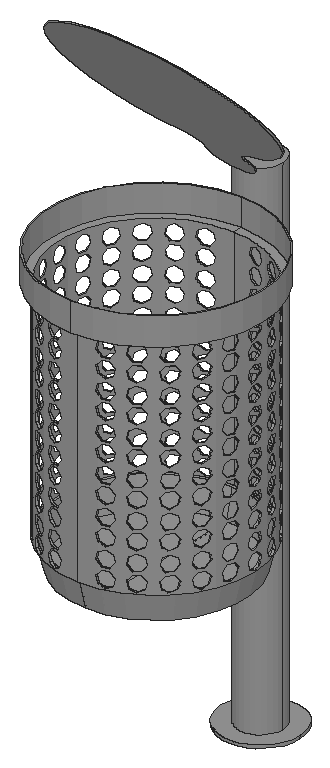
Revit family "Урна для раздельного сбора мусора «Флос» Арт 12769", category Антураж, Revit 2018
Family settings
  На основе рабочей плоскости = Нет
  Всегда вертикально = Да
  При загрузке вырезать с полостями = Нет
  Источник визуального образа = Геометрия семейства
  Общий = Нет
  Точка расчета площади = Нет
Parameters (values of type "Урна для раздельного сбора мусора «Флос»")
  Ширина = 490 mm  # constant formula
  Цвет урны = Желтый
  Цвет опоры = Сталь
  Описание = "Урна для раздельного сбора мусора «Флос». 1 Секция"  # constant formula
  Материал изделия = "Сталь"  # constant formula
  Изображение типоразмера = Урна для раздельного сбора мусора «Флос» Арт 12769.jpg
  Изготовитель = "ООО «Хоббика»"  # constant formula
  Длина = 375 mm  # constant formula
  Группа модели = "Уличные урны"  # constant formula
  Высота = 1250 mm  # constant formula
  Артикул товара = "Арт. 12769"  # constant formula
  URL = "https://hobbyka.ru/product/urna_dlya_razdelnogo_sbora_musora_flos/"
Reference planes
  plane 1 "По центру (Вперед/Назад)": y = 0
  plane 2: z = 0
  plane 3 "По центру (Влево/Вправо)": x = 0
  plane 4: y = -490
  plane 5: x = 375
  plane 6: z = 1250
Forms (mm)
  Extrusion 1, solid, material "Сталь" <- "Цвет опоры"
    sketch origin (0, 0, 0) x (1, 0, 0) y (0, 1, 0)
      loop
        circle (187.5, -67.305) r 70
    from 0 to 5
  Extrusion 2, solid, material "Сталь" <- "Цвет опоры"
    sketch origin (0, 0, 0) x (1, 0, 0) y (0, 1, 0)
      loop
        circle (187.5, -67.305) r 40
    from 0 to 909.285
  Extrusion 3, solid, material "Сталь" <- "Цвет опоры"
    sketch origin (0, -776.648, 299.248) x (1, 0, 0) y (0, 0.653219, -0.757169)
      loop
        arc (222.644, -79.817) -> (187.5, -20.713) -> (152.356, -79.817) r 40
        arc (152.356, -79.817) -> (146.79, -97.048) -> (132.299, -107.905) r 29.897
        arc (132.299, -107.905) -> (187.5, -477.488) -> (242.701, -107.905) r 188.914
        arc (242.701, -107.905) -> (228.21, -97.048) -> (222.644, -79.817) r 29.897
    from 900 to 902
  Extrusion 4, solid, material "Сталь" <- "Цвет опоры"
    sketch origin (0, 0, 0) x (0, 1, 0) y (0, 0, 1)
      loop
        line (-105, 355.414) -> (-230, 355.414) -> (-230, 350.414) -> (-105, 319.248) -> (-105, 355.414)
    from 186.5 to 188.5
  Revolve 5, solid, material "Желтый" <- "Цвет урны"
    sketch origin (187.5, 0, 0) x (0, 1, 0) y (0, 0, 1)
      loop
        line (-489.688, 860.414) -> (-489.688, 810.414) -> (-474.688, 810.414) -> (-474.688, 405.414) -> (-469.688, 405.414) -> (-456.489, 355.414) -> (-299.688, 355.414) -> (-299.688, 357.414) -> (-455.089, 357.414) -> (-467.688, 407.414) -> (-472.688, 407.414) -> (-472.688, 812.414) -> (-487.688, 812.414) -> (-487.688, 860.414) -> (-489.688, 860.414)
      axis (-299.688, 860.414) -> (-299.688, 355.414)
    angle from 0 to 360
  Extrusion 6, void
    sketch origin (0, 0, 0) x (0, 1, 0) y (0, 0, 1)
      loop
        line (-299.688, 743.384) -> (-287.96, 749.032) -> (-285.064, 761.722) -> (-293.179, 771.899) -> (-306.196, 771.899) -> (-314.312, 761.722) -> (-311.415, 749.032) -> (-299.688, 743.384)
      loop
        line (-299.688, 738.384) -> (-311.415, 732.737) -> (-314.312, 720.047) -> (-306.196, 709.87) -> (-293.179, 709.87) -> (-285.064, 720.047) -> (-287.96, 732.737) -> (-299.688, 738.384)
      loop
        line (-299.688, 676.355) -> (-287.96, 682.003) -> (-285.064, 694.693) -> (-293.179, 704.87) -> (-306.196, 704.87) -> (-314.312, 694.693) -> (-311.415, 682.003) -> (-299.688, 676.355)
      loop
        line (-299.688, 671.355) -> (-311.415, 665.708) -> (-314.312, 653.018) -> (-306.196, 642.841) -> (-293.179, 642.841) -> (-285.064, 653.018) -> (-287.96, 665.708) -> (-299.688, 671.355)
      loop
        line (-299.688, 609.326) -> (-287.96, 614.974) -> (-285.064, 627.664) -> (-293.179, 637.841) -> (-306.196, 637.841) -> (-314.312, 627.664) -> (-311.415, 614.974) -> (-299.688, 609.326)
      loop
        line (-299.688, 604.326) -> (-311.415, 598.679) -> (-314.312, 585.989) -> (-306.196, 575.812) -> (-293.179, 575.812) -> (-285.064, 585.989) -> (-287.96, 598.679) -> (-299.688, 604.326)
      loop
        line (-299.688, 542.297) -> (-287.96, 547.945) -> (-285.064, 560.635) -> (-293.179, 570.812) -> (-306.196, 570.812) -> (-314.312, 560.635) -> (-311.415, 547.945) -> (-299.688, 542.297)
      loop
        line (-299.688, 537.297) -> (-311.415, 531.65) -> (-314.312, 518.959) -> (-306.196, 508.783) -> (-293.179, 508.783) -> (-285.064, 518.959) -> (-287.96, 531.65) -> (-299.688, 537.297)
      loop
        line (-299.688, 475.268) -> (-287.96, 480.916) -> (-285.064, 493.606) -> (-293.179, 503.783) -> (-306.196, 503.783) -> (-314.312, 493.606) -> (-311.415, 480.916) -> (-299.688, 475.268)
      loop
        line (-299.688, 470.268) -> (-311.415, 464.621) -> (-314.312, 451.93) -> (-306.196, 441.754) -> (-293.179, 441.754) -> (-285.064, 451.93) -> (-287.96, 464.621) -> (-299.688, 470.268)
      loop
        line (-299.688, 408.239) -> (-287.96, 413.887) -> (-285.064, 426.577) -> (-293.179, 436.754) -> (-306.196, 436.754) -> (-314.312, 426.577) -> (-311.415, 413.887) -> (-299.688, 408.239)
      loop
        line (-299.688, 805.414) -> (-311.415, 799.766) -> (-314.312, 787.076) -> (-306.196, 776.899) -> (-293.179, 776.899) -> (-285.064, 787.076) -> (-287.96, 799.766) -> (-299.688, 805.414)
    from 1.414 to 26.983
  Extrusion 7, void
    sketch origin (83.954, 38.317, 0) x (0.258819, 0.965926, 0) y (0, 0, 1)
      loop
        line (-299.688, 743.384) -> (-287.96, 749.032) -> (-285.064, 761.722) -> (-293.179, 771.899) -> (-306.196, 771.899) -> (-314.312, 761.722) -> (-311.415, 749.032) -> (-299.688, 743.384)
      loop
        line (-299.688, 738.384) -> (-311.415, 732.737) -> (-314.312, 720.047) -> (-306.196, 709.87) -> (-293.179, 709.87) -> (-285.064, 720.047) -> (-287.96, 732.737) -> (-299.688, 738.384)
      loop
        line (-299.688, 676.355) -> (-287.96, 682.003) -> (-285.064, 694.693) -> (-293.179, 704.87) -> (-306.196, 704.87) -> (-314.312, 694.693) -> (-311.415, 682.003) -> (-299.688, 676.355)
      loop
        line (-299.688, 671.355) -> (-311.415, 665.708) -> (-314.312, 653.018) -> (-306.196, 642.841) -> (-293.179, 642.841) -> (-285.064, 653.018) -> (-287.96, 665.708) -> (-299.688, 671.355)
      loop
        line (-299.688, 609.326) -> (-287.96, 614.974) -> (-285.064, 627.664) -> (-293.179, 637.841) -> (-306.196, 637.841) -> (-314.312, 627.664) -> (-311.415, 614.974) -> (-299.688, 609.326)
      loop
        line (-299.688, 604.326) -> (-311.415, 598.679) -> (-314.312, 585.989) -> (-306.196, 575.812) -> (-293.179, 575.812) -> (-285.064, 585.989) -> (-287.96, 598.679) -> (-299.688, 604.326)
      loop
        line (-299.688, 542.297) -> (-287.96, 547.945) -> (-285.064, 560.635) -> (-293.179, 570.812) -> (-306.196, 570.812) -> (-314.312, 560.635) -> (-311.415, 547.945) -> (-299.688, 542.297)
      loop
        line (-299.688, 537.297) -> (-311.415, 531.65) -> (-314.312, 518.959) -> (-306.196, 508.783) -> (-293.179, 508.783) -> (-285.064, 518.959) -> (-287.96, 531.65) -> (-299.688, 537.297)
      loop
        line (-299.688, 475.268) -> (-287.96, 480.916) -> (-285.064, 493.606) -> (-293.179, 503.783) -> (-306.196, 503.783) -> (-314.312, 493.606) -> (-311.415, 480.916) -> (-299.688, 475.268)
      loop
        line (-299.688, 470.268) -> (-311.415, 464.621) -> (-314.312, 451.93) -> (-306.196, 441.754) -> (-293.179, 441.754) -> (-285.064, 451.93) -> (-287.96, 464.621) -> (-299.688, 470.268)
      loop
        line (-299.688, 408.239) -> (-287.96, 413.887) -> (-285.064, 426.577) -> (-293.179, 436.754) -> (-306.196, 436.754) -> (-314.312, 426.577) -> (-311.415, 413.887) -> (-299.688, 408.239)
      loop
        line (-299.688, 805.414) -> (-311.415, 799.766) -> (-314.312, 787.076) -> (-306.196, 776.899) -> (-293.179, 776.899) -> (-285.064, 787.076) -> (-287.96, 799.766) -> (-299.688, 805.414)
    from 1.414 to 26.983
  Extrusion 8, void
    sketch origin (174.964, 53.599, 0) x (0.5, 0.866025, 0) y (0, 0, 1)
      loop
        line (-299.688, 743.384) -> (-287.96, 749.032) -> (-285.064, 761.722) -> (-293.179, 771.899) -> (-306.196, 771.899) -> (-314.312, 761.722) -> (-311.415, 749.032) -> (-299.688, 743.384)
      loop
        line (-299.688, 738.384) -> (-311.415, 732.737) -> (-314.312, 720.047) -> (-306.196, 709.87) -> (-293.179, 709.87) -> (-285.064, 720.047) -> (-287.96, 732.737) -> (-299.688, 738.384)
      loop
        line (-299.688, 676.355) -> (-287.96, 682.003) -> (-285.064, 694.693) -> (-293.179, 704.87) -> (-306.196, 704.87) -> (-314.312, 694.693) -> (-311.415, 682.003) -> (-299.688, 676.355)
      loop
        line (-299.688, 671.355) -> (-311.415, 665.708) -> (-314.312, 653.018) -> (-306.196, 642.841) -> (-293.179, 642.841) -> (-285.064, 653.018) -> (-287.96, 665.708) -> (-299.688, 671.355)
      loop
        line (-299.688, 609.326) -> (-287.96, 614.974) -> (-285.064, 627.664) -> (-293.179, 637.841) -> (-306.196, 637.841) -> (-314.312, 627.664) -> (-311.415, 614.974) -> (-299.688, 609.326)
      loop
        line (-299.688, 604.326) -> (-311.415, 598.679) -> (-314.312, 585.989) -> (-306.196, 575.812) -> (-293.179, 575.812) -> (-285.064, 585.989) -> (-287.96, 598.679) -> (-299.688, 604.326)
      loop
        line (-299.688, 542.297) -> (-287.96, 547.945) -> (-285.064, 560.635) -> (-293.179, 570.812) -> (-306.196, 570.812) -> (-314.312, 560.635) -> (-311.415, 547.945) -> (-299.688, 542.297)
      loop
        line (-299.688, 537.297) -> (-311.415, 531.65) -> (-314.312, 518.959) -> (-306.196, 508.783) -> (-293.179, 508.783) -> (-285.064, 518.959) -> (-287.96, 531.65) -> (-299.688, 537.297)
      loop
        line (-299.688, 475.268) -> (-287.96, 480.916) -> (-285.064, 493.606) -> (-293.179, 503.783) -> (-306.196, 503.783) -> (-314.312, 493.606) -> (-311.415, 480.916) -> (-299.688, 475.268)
      loop
        line (-299.688, 470.268) -> (-311.415, 464.621) -> (-314.312, 451.93) -> (-306.196, 441.754) -> (-293.179, 441.754) -> (-285.064, 451.93) -> (-287.96, 464.621) -> (-299.688, 470.268)
      loop
        line (-299.688, 408.239) -> (-287.96, 413.887) -> (-285.064, 426.577) -> (-293.179, 436.754) -> (-306.196, 436.754) -> (-314.312, 426.577) -> (-311.415, 413.887) -> (-299.688, 408.239)
      loop
        line (-299.688, 805.414) -> (-311.415, 799.766) -> (-314.312, 787.076) -> (-306.196, 776.899) -> (-293.179, 776.899) -> (-285.064, 787.076) -> (-287.96, 799.766) -> (-299.688, 805.414)
    from 1.414 to 26.983
  Extrusion 9, void
    sketch origin (266.829, 44.806, 0) x (0.707107, 0.707107, 0) y (0, 0, 1)
      loop
        line (-299.688, 743.384) -> (-287.96, 749.032) -> (-285.064, 761.722) -> (-293.179, 771.899) -> (-306.196, 771.899) -> (-314.312, 761.722) -> (-311.415, 749.032) -> (-299.688, 743.384)
      loop
        line (-299.688, 738.384) -> (-311.415, 732.737) -> (-314.312, 720.047) -> (-306.196, 709.87) -> (-293.179, 709.87) -> (-285.064, 720.047) -> (-287.96, 732.737) -> (-299.688, 738.384)
      loop
        line (-299.688, 676.355) -> (-287.96, 682.003) -> (-285.064, 694.693) -> (-293.179, 704.87) -> (-306.196, 704.87) -> (-314.312, 694.693) -> (-311.415, 682.003) -> (-299.688, 676.355)
      loop
        line (-299.688, 671.355) -> (-311.415, 665.708) -> (-314.312, 653.018) -> (-306.196, 642.841) -> (-293.179, 642.841) -> (-285.064, 653.018) -> (-287.96, 665.708) -> (-299.688, 671.355)
      loop
        line (-299.688, 609.326) -> (-287.96, 614.974) -> (-285.064, 627.664) -> (-293.179, 637.841) -> (-306.196, 637.841) -> (-314.312, 627.664) -> (-311.415, 614.974) -> (-299.688, 609.326)
      loop
        line (-299.688, 604.326) -> (-311.415, 598.679) -> (-314.312, 585.989) -> (-306.196, 575.812) -> (-293.179, 575.812) -> (-285.064, 585.989) -> (-287.96, 598.679) -> (-299.688, 604.326)
      loop
        line (-299.688, 542.297) -> (-287.96, 547.945) -> (-285.064, 560.635) -> (-293.179, 570.812) -> (-306.196, 570.812) -> (-314.312, 560.635) -> (-311.415, 547.945) -> (-299.688, 542.297)
      loop
        line (-299.688, 537.297) -> (-311.415, 531.65) -> (-314.312, 518.959) -> (-306.196, 508.783) -> (-293.179, 508.783) -> (-285.064, 518.959) -> (-287.96, 531.65) -> (-299.688, 537.297)
      loop
        line (-299.688, 475.268) -> (-287.96, 480.916) -> (-285.064, 493.606) -> (-293.179, 503.783) -> (-306.196, 503.783) -> (-314.312, 493.606) -> (-311.415, 480.916) -> (-299.688, 475.268)
      loop
        line (-299.688, 470.268) -> (-311.415, 464.621) -> (-314.312, 451.93) -> (-306.196, 441.754) -> (-293.179, 441.754) -> (-285.064, 451.93) -> (-287.96, 464.621) -> (-299.688, 470.268)
      loop
        line (-299.688, 408.239) -> (-287.96, 413.887) -> (-285.064, 426.577) -> (-293.179, 436.754) -> (-306.196, 436.754) -> (-314.312, 426.577) -> (-311.415, 413.887) -> (-299.688, 408.239)
      loop
        line (-299.688, 805.414) -> (-311.415, 799.766) -> (-314.312, 787.076) -> (-306.196, 776.899) -> (-293.179, 776.899) -> (-285.064, 787.076) -> (-287.96, 799.766) -> (-299.688, 805.414)
    from 1.414 to 26.983
  Extrusion 10, void
    sketch origin (353.287, 12.536, 0) x (0.866025, 0.5, 0) y (0, 0, 1)
      loop
        line (-299.688, 743.384) -> (-287.96, 749.032) -> (-285.064, 761.722) -> (-293.179, 771.899) -> (-306.196, 771.899) -> (-314.312, 761.722) -> (-311.415, 749.032) -> (-299.688, 743.384)
      loop
        line (-299.688, 738.384) -> (-311.415, 732.737) -> (-314.312, 720.047) -> (-306.196, 709.87) -> (-293.179, 709.87) -> (-285.064, 720.047) -> (-287.96, 732.737) -> (-299.688, 738.384)
      loop
        line (-299.688, 676.355) -> (-287.96, 682.003) -> (-285.064, 694.693) -> (-293.179, 704.87) -> (-306.196, 704.87) -> (-314.312, 694.693) -> (-311.415, 682.003) -> (-299.688, 676.355)
      loop
        line (-299.688, 671.355) -> (-311.415, 665.708) -> (-314.312, 653.018) -> (-306.196, 642.841) -> (-293.179, 642.841) -> (-285.064, 653.018) -> (-287.96, 665.708) -> (-299.688, 671.355)
      loop
        line (-299.688, 609.326) -> (-287.96, 614.974) -> (-285.064, 627.664) -> (-293.179, 637.841) -> (-306.196, 637.841) -> (-314.312, 627.664) -> (-311.415, 614.974) -> (-299.688, 609.326)
      loop
        line (-299.688, 604.326) -> (-311.415, 598.679) -> (-314.312, 585.989) -> (-306.196, 575.812) -> (-293.179, 575.812) -> (-285.064, 585.989) -> (-287.96, 598.679) -> (-299.688, 604.326)
      loop
        line (-299.688, 542.297) -> (-287.96, 547.945) -> (-285.064, 560.635) -> (-293.179, 570.812) -> (-306.196, 570.812) -> (-314.312, 560.635) -> (-311.415, 547.945) -> (-299.688, 542.297)
      loop
        line (-299.688, 537.297) -> (-311.415, 531.65) -> (-314.312, 518.959) -> (-306.196, 508.783) -> (-293.179, 508.783) -> (-285.064, 518.959) -> (-287.96, 531.65) -> (-299.688, 537.297)
      loop
        line (-299.688, 475.268) -> (-287.96, 480.916) -> (-285.064, 493.606) -> (-293.179, 503.783) -> (-306.196, 503.783) -> (-314.312, 493.606) -> (-311.415, 480.916) -> (-299.688, 475.268)
      loop
        line (-299.688, 470.268) -> (-311.415, 464.621) -> (-314.312, 451.93) -> (-306.196, 441.754) -> (-293.179, 441.754) -> (-285.064, 451.93) -> (-287.96, 464.621) -> (-299.688, 470.268)
      loop
        line (-299.688, 408.239) -> (-287.96, 413.887) -> (-285.064, 426.577) -> (-293.179, 436.754) -> (-306.196, 436.754) -> (-314.312, 426.577) -> (-311.415, 413.887) -> (-299.688, 408.239)
      loop
        line (-299.688, 805.414) -> (-311.415, 799.766) -> (-314.312, 787.076) -> (-306.196, 776.899) -> (-293.179, 776.899) -> (-285.064, 787.076) -> (-287.96, 799.766) -> (-299.688, 805.414)
    from 1.414 to 26.983
  Extrusion 11, void
    sketch origin (428.448, -41.012, 0) x (0.965926, 0.258819, 0) y (0, 0, 1)
      loop
        line (-299.688, 743.384) -> (-287.96, 749.032) -> (-285.064, 761.722) -> (-293.179, 771.899) -> (-306.196, 771.899) -> (-314.312, 761.722) -> (-311.415, 749.032) -> (-299.688, 743.384)
      loop
        line (-299.688, 738.384) -> (-311.415, 732.737) -> (-314.312, 720.047) -> (-306.196, 709.87) -> (-293.179, 709.87) -> (-285.064, 720.047) -> (-287.96, 732.737) -> (-299.688, 738.384)
      loop
        line (-299.688, 676.355) -> (-287.96, 682.003) -> (-285.064, 694.693) -> (-293.179, 704.87) -> (-306.196, 704.87) -> (-314.312, 694.693) -> (-311.415, 682.003) -> (-299.688, 676.355)
      loop
        line (-299.688, 671.355) -> (-311.415, 665.708) -> (-314.312, 653.018) -> (-306.196, 642.841) -> (-293.179, 642.841) -> (-285.064, 653.018) -> (-287.96, 665.708) -> (-299.688, 671.355)
      loop
        line (-299.688, 609.326) -> (-287.96, 614.974) -> (-285.064, 627.664) -> (-293.179, 637.841) -> (-306.196, 637.841) -> (-314.312, 627.664) -> (-311.415, 614.974) -> (-299.688, 609.326)
      loop
        line (-299.688, 604.326) -> (-311.415, 598.679) -> (-314.312, 585.989) -> (-306.196, 575.812) -> (-293.179, 575.812) -> (-285.064, 585.989) -> (-287.96, 598.679) -> (-299.688, 604.326)
      loop
        line (-299.688, 542.297) -> (-287.96, 547.945) -> (-285.064, 560.635) -> (-293.179, 570.812) -> (-306.196, 570.812) -> (-314.312, 560.635) -> (-311.415, 547.945) -> (-299.688, 542.297)
      loop
        line (-299.688, 537.297) -> (-311.415, 531.65) -> (-314.312, 518.959) -> (-306.196, 508.783) -> (-293.179, 508.783) -> (-285.064, 518.959) -> (-287.96, 531.65) -> (-299.688, 537.297)
      loop
        line (-299.688, 475.268) -> (-287.96, 480.916) -> (-285.064, 493.606) -> (-293.179, 503.783) -> (-306.196, 503.783) -> (-314.312, 493.606) -> (-311.415, 480.916) -> (-299.688, 475.268)
      loop
        line (-299.688, 470.268) -> (-311.415, 464.621) -> (-314.312, 451.93) -> (-306.196, 441.754) -> (-293.179, 441.754) -> (-285.064, 451.93) -> (-287.96, 464.621) -> (-299.688, 470.268)
      loop
        line (-299.688, 408.239) -> (-287.96, 413.887) -> (-285.064, 426.577) -> (-293.179, 436.754) -> (-306.196, 436.754) -> (-314.312, 426.577) -> (-311.415, 413.887) -> (-299.688, 408.239)
      loop
        line (-299.688, 805.414) -> (-311.415, 799.766) -> (-314.312, 787.076) -> (-306.196, 776.899) -> (-293.179, 776.899) -> (-285.064, 787.076) -> (-287.96, 799.766) -> (-299.688, 805.414)
    from 1.414 to 26.983
  Extrusion 12, void
    sketch origin (83.954, -637.692, 0) x (0.258819, -0.965926, 0) y (0, 0, -1)
      loop
        line (-299.688, -743.384) -> (-311.415, -749.032) -> (-314.312, -761.722) -> (-306.196, -771.899) -> (-293.179, -771.899) -> (-285.064, -761.722) -> (-287.96, -749.032) -> (-299.688, -743.384)
      loop
        line (-299.688, -738.384) -> (-287.96, -732.737) -> (-285.064, -720.047) -> (-293.179, -709.87) -> (-306.196, -709.87) -> (-314.312, -720.047) -> (-311.415, -732.737) -> (-299.688, -738.384)
      loop
        line (-299.688, -676.355) -> (-311.415, -682.003) -> (-314.312, -694.693) -> (-306.196, -704.87) -> (-293.179, -704.87) -> (-285.064, -694.693) -> (-287.96, -682.003) -> (-299.688, -676.355)
      loop
        line (-299.688, -671.355) -> (-287.96, -665.708) -> (-285.064, -653.018) -> (-293.179, -642.841) -> (-306.196, -642.841) -> (-314.312, -653.018) -> (-311.415, -665.708) -> (-299.688, -671.355)
      loop
        line (-299.688, -609.326) -> (-311.415, -614.974) -> (-314.312, -627.664) -> (-306.196, -637.841) -> (-293.179, -637.841) -> (-285.064, -627.664) -> (-287.96, -614.974) -> (-299.688, -609.326)
      loop
        line (-299.688, -604.326) -> (-287.96, -598.679) -> (-285.064, -585.989) -> (-293.179, -575.812) -> (-306.196, -575.812) -> (-314.312, -585.989) -> (-311.415, -598.679) -> (-299.688, -604.326)
      loop
        line (-299.688, -542.297) -> (-311.415, -547.945) -> (-314.312, -560.635) -> (-306.196, -570.812) -> (-293.179, -570.812) -> (-285.064, -560.635) -> (-287.96, -547.945) -> (-299.688, -542.297)
      loop
        line (-299.688, -537.297) -> (-287.96, -531.65) -> (-285.064, -518.959) -> (-293.179, -508.783) -> (-306.196, -508.783) -> (-314.312, -518.959) -> (-311.415, -531.65) -> (-299.688, -537.297)
      loop
        line (-299.688, -475.268) -> (-311.415, -480.916) -> (-314.312, -493.606) -> (-306.196, -503.783) -> (-293.179, -503.783) -> (-285.064, -493.606) -> (-287.96, -480.916) -> (-299.688, -475.268)
      loop
        line (-299.688, -470.268) -> (-287.96, -464.621) -> (-285.064, -451.93) -> (-293.179, -441.754) -> (-306.196, -441.754) -> (-314.312, -451.93) -> (-311.415, -464.621) -> (-299.688, -470.268)
      loop
        line (-299.688, -408.239) -> (-311.415, -413.887) -> (-314.312, -426.577) -> (-306.196, -436.754) -> (-293.179, -436.754) -> (-285.064, -426.577) -> (-287.96, -413.887) -> (-299.688, -408.239)
      loop
        line (-299.688, -805.414) -> (-287.96, -799.766) -> (-285.064, -787.076) -> (-293.179, -776.899) -> (-306.196, -776.899) -> (-314.312, -787.076) -> (-311.415, -799.766) -> (-299.688, -805.414)
    from 1.414 to 26.983
  Extrusion 13, void
    sketch origin (174.964, -652.975, 0) x (0.5, -0.866025, 0) y (0, 0, -1)
      loop
        line (-299.688, -743.384) -> (-311.415, -749.032) -> (-314.312, -761.722) -> (-306.196, -771.899) -> (-293.179, -771.899) -> (-285.064, -761.722) -> (-287.96, -749.032) -> (-299.688, -743.384)
      loop
        line (-299.688, -738.384) -> (-287.96, -732.737) -> (-285.064, -720.047) -> (-293.179, -709.87) -> (-306.196, -709.87) -> (-314.312, -720.047) -> (-311.415, -732.737) -> (-299.688, -738.384)
      loop
        line (-299.688, -676.355) -> (-311.415, -682.003) -> (-314.312, -694.693) -> (-306.196, -704.87) -> (-293.179, -704.87) -> (-285.064, -694.693) -> (-287.96, -682.003) -> (-299.688, -676.355)
      loop
        line (-299.688, -671.355) -> (-287.96, -665.708) -> (-285.064, -653.018) -> (-293.179, -642.841) -> (-306.196, -642.841) -> (-314.312, -653.018) -> (-311.415, -665.708) -> (-299.688, -671.355)
      loop
        line (-299.688, -609.326) -> (-311.415, -614.974) -> (-314.312, -627.664) -> (-306.196, -637.841) -> (-293.179, -637.841) -> (-285.064, -627.664) -> (-287.96, -614.974) -> (-299.688, -609.326)
      loop
        line (-299.688, -604.326) -> (-287.96, -598.679) -> (-285.064, -585.989) -> (-293.179, -575.812) -> (-306.196, -575.812) -> (-314.312, -585.989) -> (-311.415, -598.679) -> (-299.688, -604.326)
      loop
        line (-299.688, -542.297) -> (-311.415, -547.945) -> (-314.312, -560.635) -> (-306.196, -570.812) -> (-293.179, -570.812) -> (-285.064, -560.635) -> (-287.96, -547.945) -> (-299.688, -542.297)
      loop
        line (-299.688, -537.297) -> (-287.96, -531.65) -> (-285.064, -518.959) -> (-293.179, -508.783) -> (-306.196, -508.783) -> (-314.312, -518.959) -> (-311.415, -531.65) -> (-299.688, -537.297)
      loop
        line (-299.688, -475.268) -> (-311.415, -480.916) -> (-314.312, -493.606) -> (-306.196, -503.783) -> (-293.179, -503.783) -> (-285.064, -493.606) -> (-287.96, -480.916) -> (-299.688, -475.268)
      loop
        line (-299.688, -470.268) -> (-287.96, -464.621) -> (-285.064, -451.93) -> (-293.179, -441.754) -> (-306.196, -441.754) -> (-314.312, -451.93) -> (-311.415, -464.621) -> (-299.688, -470.268)
      loop
        line (-299.688, -408.239) -> (-311.415, -413.887) -> (-314.312, -426.577) -> (-306.196, -436.754) -> (-293.179, -436.754) -> (-285.064, -426.577) -> (-287.96, -413.887) -> (-299.688, -408.239)
      loop
        line (-299.688, -805.414) -> (-287.96, -799.766) -> (-285.064, -787.076) -> (-293.179, -776.899) -> (-306.196, -776.899) -> (-314.312, -787.076) -> (-311.415, -799.766) -> (-299.688, -805.414)
    from 1.414 to 26.983
  Extrusion 14, void
    sketch origin (266.829, -644.181, 0) x (0.707107, -0.707107, 0) y (0, 0, -1)
      loop
        line (-299.688, -743.384) -> (-311.415, -749.032) -> (-314.312, -761.722) -> (-306.196, -771.899) -> (-293.179, -771.899) -> (-285.064, -761.722) -> (-287.96, -749.032) -> (-299.688, -743.384)
      loop
        line (-299.688, -738.384) -> (-287.96, -732.737) -> (-285.064, -720.047) -> (-293.179, -709.87) -> (-306.196, -709.87) -> (-314.312, -720.047) -> (-311.415, -732.737) -> (-299.688, -738.384)
      loop
        line (-299.688, -676.355) -> (-311.415, -682.003) -> (-314.312, -694.693) -> (-306.196, -704.87) -> (-293.179, -704.87) -> (-285.064, -694.693) -> (-287.96, -682.003) -> (-299.688, -676.355)
      loop
        line (-299.688, -671.355) -> (-287.96, -665.708) -> (-285.064, -653.018) -> (-293.179, -642.841) -> (-306.196, -642.841) -> (-314.312, -653.018) -> (-311.415, -665.708) -> (-299.688, -671.355)
      loop
        line (-299.688, -609.326) -> (-311.415, -614.974) -> (-314.312, -627.664) -> (-306.196, -637.841) -> (-293.179, -637.841) -> (-285.064, -627.664) -> (-287.96, -614.974) -> (-299.688, -609.326)
      loop
        line (-299.688, -604.326) -> (-287.96, -598.679) -> (-285.064, -585.989) -> (-293.179, -575.812) -> (-306.196, -575.812) -> (-314.312, -585.989) -> (-311.415, -598.679) -> (-299.688, -604.326)
      loop
        line (-299.688, -542.297) -> (-311.415, -547.945) -> (-314.312, -560.635) -> (-306.196, -570.812) -> (-293.179, -570.812) -> (-285.064, -560.635) -> (-287.96, -547.945) -> (-299.688, -542.297)
      loop
        line (-299.688, -537.297) -> (-287.96, -531.65) -> (-285.064, -518.959) -> (-293.179, -508.783) -> (-306.196, -508.783) -> (-314.312, -518.959) -> (-311.415, -531.65) -> (-299.688, -537.297)
      loop
        line (-299.688, -475.268) -> (-311.415, -480.916) -> (-314.312, -493.606) -> (-306.196, -503.783) -> (-293.179, -503.783) -> (-285.064, -493.606) -> (-287.96, -480.916) -> (-299.688, -475.268)
      loop
        line (-299.688, -470.268) -> (-287.96, -464.621) -> (-285.064, -451.93) -> (-293.179, -441.754) -> (-306.196, -441.754) -> (-314.312, -451.93) -> (-311.415, -464.621) -> (-299.688, -470.268)
      loop
        line (-299.688, -408.239) -> (-311.415, -413.887) -> (-314.312, -426.577) -> (-306.196, -436.754) -> (-293.179, -436.754) -> (-285.064, -426.577) -> (-287.96, -413.887) -> (-299.688, -408.239)
      loop
        line (-299.688, -805.414) -> (-287.96, -799.766) -> (-285.064, -787.076) -> (-293.179, -776.899) -> (-306.196, -776.899) -> (-314.312, -787.076) -> (-311.415, -799.766) -> (-299.688, -805.414)
    from 1.414 to 26.983
  Extrusion 15, void
    sketch origin (353.287, -611.911, 0) x (0.866025, -0.5, 0) y (0, 0, -1)
      loop
        line (-299.688, -743.384) -> (-311.415, -749.032) -> (-314.312, -761.722) -> (-306.196, -771.899) -> (-293.179, -771.899) -> (-285.064, -761.722) -> (-287.96, -749.032) -> (-299.688, -743.384)
      loop
        line (-299.688, -738.384) -> (-287.96, -732.737) -> (-285.064, -720.047) -> (-293.179, -709.87) -> (-306.196, -709.87) -> (-314.312, -720.047) -> (-311.415, -732.737) -> (-299.688, -738.384)
      loop
        line (-299.688, -676.355) -> (-311.415, -682.003) -> (-314.312, -694.693) -> (-306.196, -704.87) -> (-293.179, -704.87) -> (-285.064, -694.693) -> (-287.96, -682.003) -> (-299.688, -676.355)
      loop
        line (-299.688, -671.355) -> (-287.96, -665.708) -> (-285.064, -653.018) -> (-293.179, -642.841) -> (-306.196, -642.841) -> (-314.312, -653.018) -> (-311.415, -665.708) -> (-299.688, -671.355)
      loop
        line (-299.688, -609.326) -> (-311.415, -614.974) -> (-314.312, -627.664) -> (-306.196, -637.841) -> (-293.179, -637.841) -> (-285.064, -627.664) -> (-287.96, -614.974) -> (-299.688, -609.326)
      loop
        line (-299.688, -604.326) -> (-287.96, -598.679) -> (-285.064, -585.989) -> (-293.179, -575.812) -> (-306.196, -575.812) -> (-314.312, -585.989) -> (-311.415, -598.679) -> (-299.688, -604.326)
      loop
        line (-299.688, -542.297) -> (-311.415, -547.945) -> (-314.312, -560.635) -> (-306.196, -570.812) -> (-293.179, -570.812) -> (-285.064, -560.635) -> (-287.96, -547.945) -> (-299.688, -542.297)
      loop
        line (-299.688, -537.297) -> (-287.96, -531.65) -> (-285.064, -518.959) -> (-293.179, -508.783) -> (-306.196, -508.783) -> (-314.312, -518.959) -> (-311.415, -531.65) -> (-299.688, -537.297)
      loop
        line (-299.688, -475.268) -> (-311.415, -480.916) -> (-314.312, -493.606) -> (-306.196, -503.783) -> (-293.179, -503.783) -> (-285.064, -493.606) -> (-287.96, -480.916) -> (-299.688, -475.268)
      loop
        line (-299.688, -470.268) -> (-287.96, -464.621) -> (-285.064, -451.93) -> (-293.179, -441.754) -> (-306.196, -441.754) -> (-314.312, -451.93) -> (-311.415, -464.621) -> (-299.688, -470.268)
      loop
        line (-299.688, -408.239) -> (-311.415, -413.887) -> (-314.312, -426.577) -> (-306.196, -436.754) -> (-293.179, -436.754) -> (-285.064, -426.577) -> (-287.96, -413.887) -> (-299.688, -408.239)
      loop
        line (-299.688, -805.414) -> (-287.96, -799.766) -> (-285.064, -787.076) -> (-293.179, -776.899) -> (-306.196, -776.899) -> (-314.312, -787.076) -> (-311.415, -799.766) -> (-299.688, -805.414)
    from 1.414 to 26.983
  Extrusion 16, void
    sketch origin (428.448, -558.364, 0) x (0.965926, -0.258819, 0) y (0, 0, -1)
      loop
        line (-299.688, -743.384) -> (-311.415, -749.032) -> (-314.312, -761.722) -> (-306.196, -771.899) -> (-293.179, -771.899) -> (-285.064, -761.722) -> (-287.96, -749.032) -> (-299.688, -743.384)
      loop
        line (-299.688, -738.384) -> (-287.96, -732.737) -> (-285.064, -720.047) -> (-293.179, -709.87) -> (-306.196, -709.87) -> (-314.312, -720.047) -> (-311.415, -732.737) -> (-299.688, -738.384)
      loop
        line (-299.688, -676.355) -> (-311.415, -682.003) -> (-314.312, -694.693) -> (-306.196, -704.87) -> (-293.179, -704.87) -> (-285.064, -694.693) -> (-287.96, -682.003) -> (-299.688, -676.355)
      loop
        line (-299.688, -671.355) -> (-287.96, -665.708) -> (-285.064, -653.018) -> (-293.179, -642.841) -> (-306.196, -642.841) -> (-314.312, -653.018) -> (-311.415, -665.708) -> (-299.688, -671.355)
      loop
        line (-299.688, -609.326) -> (-311.415, -614.974) -> (-314.312, -627.664) -> (-306.196, -637.841) -> (-293.179, -637.841) -> (-285.064, -627.664) -> (-287.96, -614.974) -> (-299.688, -609.326)
      loop
        line (-299.688, -604.326) -> (-287.96, -598.679) -> (-285.064, -585.989) -> (-293.179, -575.812) -> (-306.196, -575.812) -> (-314.312, -585.989) -> (-311.415, -598.679) -> (-299.688, -604.326)
      loop
        line (-299.688, -542.297) -> (-311.415, -547.945) -> (-314.312, -560.635) -> (-306.196, -570.812) -> (-293.179, -570.812) -> (-285.064, -560.635) -> (-287.96, -547.945) -> (-299.688, -542.297)
      loop
        line (-299.688, -537.297) -> (-287.96, -531.65) -> (-285.064, -518.959) -> (-293.179, -508.783) -> (-306.196, -508.783) -> (-314.312, -518.959) -> (-311.415, -531.65) -> (-299.688, -537.297)
      loop
        line (-299.688, -475.268) -> (-311.415, -480.916) -> (-314.312, -493.606) -> (-306.196, -503.783) -> (-293.179, -503.783) -> (-285.064, -493.606) -> (-287.96, -480.916) -> (-299.688, -475.268)
      loop
        line (-299.688, -470.268) -> (-287.96, -464.621) -> (-285.064, -451.93) -> (-293.179, -441.754) -> (-306.196, -441.754) -> (-314.312, -451.93) -> (-311.415, -464.621) -> (-299.688, -470.268)
      loop
        line (-299.688, -408.239) -> (-311.415, -413.887) -> (-314.312, -426.577) -> (-306.196, -436.754) -> (-293.179, -436.754) -> (-285.064, -426.577) -> (-287.96, -413.887) -> (-299.688, -408.239)
      loop
        line (-299.688, -805.414) -> (-287.96, -799.766) -> (-285.064, -787.076) -> (-293.179, -776.899) -> (-306.196, -776.899) -> (-314.312, -787.076) -> (-311.415, -799.766) -> (-299.688, -805.414)
    from 1.414 to 26.983
  Extrusion 17, void
    sketch origin (375, 0, 0) x (0, 1, 0) y (0, 0, -1)
      loop
        line (-299.688, -743.384) -> (-311.415, -749.032) -> (-314.312, -761.722) -> (-306.196, -771.899) -> (-293.179, -771.899) -> (-285.064, -761.722) -> (-287.96, -749.032) -> (-299.688, -743.384)
      loop
        line (-299.688, -738.384) -> (-287.96, -732.737) -> (-285.064, -720.047) -> (-293.179, -709.87) -> (-306.196, -709.87) -> (-314.312, -720.047) -> (-311.415, -732.737) -> (-299.688, -738.384)
      loop
        line (-299.688, -676.355) -> (-311.415, -682.003) -> (-314.312, -694.693) -> (-306.196, -704.87) -> (-293.179, -704.87) -> (-285.064, -694.693) -> (-287.96, -682.003) -> (-299.688, -676.355)
      loop
        line (-299.688, -671.355) -> (-287.96, -665.708) -> (-285.064, -653.018) -> (-293.179, -642.841) -> (-306.196, -642.841) -> (-314.312, -653.018) -> (-311.415, -665.708) -> (-299.688, -671.355)
      loop
        line (-299.688, -609.326) -> (-311.415, -614.974) -> (-314.312, -627.664) -> (-306.196, -637.841) -> (-293.179, -637.841) -> (-285.064, -627.664) -> (-287.96, -614.974) -> (-299.688, -609.326)
      loop
        line (-299.688, -604.326) -> (-287.96, -598.679) -> (-285.064, -585.989) -> (-293.179, -575.812) -> (-306.196, -575.812) -> (-314.312, -585.989) -> (-311.415, -598.679) -> (-299.688, -604.326)
      loop
        line (-299.688, -542.297) -> (-311.415, -547.945) -> (-314.312, -560.635) -> (-306.196, -570.812) -> (-293.179, -570.812) -> (-285.064, -560.635) -> (-287.96, -547.945) -> (-299.688, -542.297)
      loop
        line (-299.688, -537.297) -> (-287.96, -531.65) -> (-285.064, -518.959) -> (-293.179, -508.783) -> (-306.196, -508.783) -> (-314.312, -518.959) -> (-311.415, -531.65) -> (-299.688, -537.297)
      loop
        line (-299.688, -475.268) -> (-311.415, -480.916) -> (-314.312, -493.606) -> (-306.196, -503.783) -> (-293.179, -503.783) -> (-285.064, -493.606) -> (-287.96, -480.916) -> (-299.688, -475.268)
      loop
        line (-299.688, -470.268) -> (-287.96, -464.621) -> (-285.064, -451.93) -> (-293.179, -441.754) -> (-306.196, -441.754) -> (-314.312, -451.93) -> (-311.415, -464.621) -> (-299.688, -470.268)
      loop
        line (-299.688, -408.239) -> (-311.415, -413.887) -> (-314.312, -426.577) -> (-306.196, -436.754) -> (-293.179, -436.754) -> (-285.064, -426.577) -> (-287.96, -413.887) -> (-299.688, -408.239)
      loop
        line (-299.688, -805.414) -> (-287.96, -799.766) -> (-285.064, -787.076) -> (-293.179, -776.899) -> (-306.196, -776.899) -> (-314.312, -787.076) -> (-311.415, -799.766) -> (-299.688, -805.414)
    from 1.414 to 26.983
  Extrusion 18, void
    sketch origin (291.046, 38.317, 0) x (-0.258819, 0.965926, 0) y (0, 0, -1)
      loop
        line (-299.688, -743.384) -> (-311.415, -749.032) -> (-314.312, -761.722) -> (-306.196, -771.899) -> (-293.179, -771.899) -> (-285.064, -761.722) -> (-287.96, -749.032) -> (-299.688, -743.384)
      loop
        line (-299.688, -738.384) -> (-287.96, -732.737) -> (-285.064, -720.047) -> (-293.179, -709.87) -> (-306.196, -709.87) -> (-314.312, -720.047) -> (-311.415, -732.737) -> (-299.688, -738.384)
      loop
        line (-299.688, -676.355) -> (-311.415, -682.003) -> (-314.312, -694.693) -> (-306.196, -704.87) -> (-293.179, -704.87) -> (-285.064, -694.693) -> (-287.96, -682.003) -> (-299.688, -676.355)
      loop
        line (-299.688, -671.355) -> (-287.96, -665.708) -> (-285.064, -653.018) -> (-293.179, -642.841) -> (-306.196, -642.841) -> (-314.312, -653.018) -> (-311.415, -665.708) -> (-299.688, -671.355)
      loop
        line (-299.688, -609.326) -> (-311.415, -614.974) -> (-314.312, -627.664) -> (-306.196, -637.841) -> (-293.179, -637.841) -> (-285.064, -627.664) -> (-287.96, -614.974) -> (-299.688, -609.326)
      loop
        line (-299.688, -604.326) -> (-287.96, -598.679) -> (-285.064, -585.989) -> (-293.179, -575.812) -> (-306.196, -575.812) -> (-314.312, -585.989) -> (-311.415, -598.679) -> (-299.688, -604.326)
      loop
        line (-299.688, -542.297) -> (-311.415, -547.945) -> (-314.312, -560.635) -> (-306.196, -570.812) -> (-293.179, -570.812) -> (-285.064, -560.635) -> (-287.96, -547.945) -> (-299.688, -542.297)
      loop
        line (-299.688, -537.297) -> (-287.96, -531.65) -> (-285.064, -518.959) -> (-293.179, -508.783) -> (-306.196, -508.783) -> (-314.312, -518.959) -> (-311.415, -531.65) -> (-299.688, -537.297)
      loop
        line (-299.688, -475.268) -> (-311.415, -480.916) -> (-314.312, -493.606) -> (-306.196, -503.783) -> (-293.179, -503.783) -> (-285.064, -493.606) -> (-287.96, -480.916) -> (-299.688, -475.268)
      loop
        line (-299.688, -470.268) -> (-287.96, -464.621) -> (-285.064, -451.93) -> (-293.179, -441.754) -> (-306.196, -441.754) -> (-314.312, -451.93) -> (-311.415, -464.621) -> (-299.688, -470.268)
      loop
        line (-299.688, -408.239) -> (-311.415, -413.887) -> (-314.312, -426.577) -> (-306.196, -436.754) -> (-293.179, -436.754) -> (-285.064, -426.577) -> (-287.96, -413.887) -> (-299.688, -408.239)
      loop
        line (-299.688, -805.414) -> (-287.96, -799.766) -> (-285.064, -787.076) -> (-293.179, -776.899) -> (-306.196, -776.899) -> (-314.312, -787.076) -> (-311.415, -799.766) -> (-299.688, -805.414)
    from 1.414 to 26.983
  Extrusion 19, void
    sketch origin (200.036, 53.599, 0) x (-0.5, 0.866025, 0) y (0, 0, -1)
      loop
        line (-299.688, -743.384) -> (-311.415, -749.032) -> (-314.312, -761.722) -> (-306.196, -771.899) -> (-293.179, -771.899) -> (-285.064, -761.722) -> (-287.96, -749.032) -> (-299.688, -743.384)
      loop
        line (-299.688, -738.384) -> (-287.96, -732.737) -> (-285.064, -720.047) -> (-293.179, -709.87) -> (-306.196, -709.87) -> (-314.312, -720.047) -> (-311.415, -732.737) -> (-299.688, -738.384)
      loop
        line (-299.688, -676.355) -> (-311.415, -682.003) -> (-314.312, -694.693) -> (-306.196, -704.87) -> (-293.179, -704.87) -> (-285.064, -694.693) -> (-287.96, -682.003) -> (-299.688, -676.355)
      loop
        line (-299.688, -671.355) -> (-287.96, -665.708) -> (-285.064, -653.018) -> (-293.179, -642.841) -> (-306.196, -642.841) -> (-314.312, -653.018) -> (-311.415, -665.708) -> (-299.688, -671.355)
      loop
        line (-299.688, -609.326) -> (-311.415, -614.974) -> (-314.312, -627.664) -> (-306.196, -637.841) -> (-293.179, -637.841) -> (-285.064, -627.664) -> (-287.96, -614.974) -> (-299.688, -609.326)
      loop
        line (-299.688, -604.326) -> (-287.96, -598.679) -> (-285.064, -585.989) -> (-293.179, -575.812) -> (-306.196, -575.812) -> (-314.312, -585.989) -> (-311.415, -598.679) -> (-299.688, -604.326)
      loop
        line (-299.688, -542.297) -> (-311.415, -547.945) -> (-314.312, -560.635) -> (-306.196, -570.812) -> (-293.179, -570.812) -> (-285.064, -560.635) -> (-287.96, -547.945) -> (-299.688, -542.297)
      loop
        line (-299.688, -537.297) -> (-287.96, -531.65) -> (-285.064, -518.959) -> (-293.179, -508.783) -> (-306.196, -508.783) -> (-314.312, -518.959) -> (-311.415, -531.65) -> (-299.688, -537.297)
      loop
        line (-299.688, -475.268) -> (-311.415, -480.916) -> (-314.312, -493.606) -> (-306.196, -503.783) -> (-293.179, -503.783) -> (-285.064, -493.606) -> (-287.96, -480.916) -> (-299.688, -475.268)
      loop
        line (-299.688, -470.268) -> (-287.96, -464.621) -> (-285.064, -451.93) -> (-293.179, -441.754) -> (-306.196, -441.754) -> (-314.312, -451.93) -> (-311.415, -464.621) -> (-299.688, -470.268)
      loop
        line (-299.688, -408.239) -> (-311.415, -413.887) -> (-314.312, -426.577) -> (-306.196, -436.754) -> (-293.179, -436.754) -> (-285.064, -426.577) -> (-287.96, -413.887) -> (-299.688, -408.239)
      loop
        line (-299.688, -805.414) -> (-287.96, -799.766) -> (-285.064, -787.076) -> (-293.179, -776.899) -> (-306.196, -776.899) -> (-314.312, -787.076) -> (-311.415, -799.766) -> (-299.688, -805.414)
    from 1.414 to 26.983
  Extrusion 20, void
    sketch origin (108.171, 44.806, 0) x (-0.707107, 0.707107, 0) y (0, 0, -1)
      loop
        line (-299.688, -743.384) -> (-311.415, -749.032) -> (-314.312, -761.722) -> (-306.196, -771.899) -> (-293.179, -771.899) -> (-285.064, -761.722) -> (-287.96, -749.032) -> (-299.688, -743.384)
      loop
        line (-299.688, -738.384) -> (-287.96, -732.737) -> (-285.064, -720.047) -> (-293.179, -709.87) -> (-306.196, -709.87) -> (-314.312, -720.047) -> (-311.415, -732.737) -> (-299.688, -738.384)
      loop
        line (-299.688, -676.355) -> (-311.415, -682.003) -> (-314.312, -694.693) -> (-306.196, -704.87) -> (-293.179, -704.87) -> (-285.064, -694.693) -> (-287.96, -682.003) -> (-299.688, -676.355)
      loop
        line (-299.688, -671.355) -> (-287.96, -665.708) -> (-285.064, -653.018) -> (-293.179, -642.841) -> (-306.196, -642.841) -> (-314.312, -653.018) -> (-311.415, -665.708) -> (-299.688, -671.355)
      loop
        line (-299.688, -609.326) -> (-311.415, -614.974) -> (-314.312, -627.664) -> (-306.196, -637.841) -> (-293.179, -637.841) -> (-285.064, -627.664) -> (-287.96, -614.974) -> (-299.688, -609.326)
      loop
        line (-299.688, -604.326) -> (-287.96, -598.679) -> (-285.064, -585.989) -> (-293.179, -575.812) -> (-306.196, -575.812) -> (-314.312, -585.989) -> (-311.415, -598.679) -> (-299.688, -604.326)
      loop
        line (-299.688, -542.297) -> (-311.415, -547.945) -> (-314.312, -560.635) -> (-306.196, -570.812) -> (-293.179, -570.812) -> (-285.064, -560.635) -> (-287.96, -547.945) -> (-299.688, -542.297)
      loop
        line (-299.688, -537.297) -> (-287.96, -531.65) -> (-285.064, -518.959) -> (-293.179, -508.783) -> (-306.196, -508.783) -> (-314.312, -518.959) -> (-311.415, -531.65) -> (-299.688, -537.297)
      loop
        line (-299.688, -475.268) -> (-311.415, -480.916) -> (-314.312, -493.606) -> (-306.196, -503.783) -> (-293.179, -503.783) -> (-285.064, -493.606) -> (-287.96, -480.916) -> (-299.688, -475.268)
      loop
        line (-299.688, -470.268) -> (-287.96, -464.621) -> (-285.064, -451.93) -> (-293.179, -441.754) -> (-306.196, -441.754) -> (-314.312, -451.93) -> (-311.415, -464.621) -> (-299.688, -470.268)
      loop
        line (-299.688, -408.239) -> (-311.415, -413.887) -> (-314.312, -426.577) -> (-306.196, -436.754) -> (-293.179, -436.754) -> (-285.064, -426.577) -> (-287.96, -413.887) -> (-299.688, -408.239)
      loop
        line (-299.688, -805.414) -> (-287.96, -799.766) -> (-285.064, -787.076) -> (-293.179, -776.899) -> (-306.196, -776.899) -> (-314.312, -787.076) -> (-311.415, -799.766) -> (-299.688, -805.414)
    from 1.414 to 26.983
  Extrusion 21, void
    sketch origin (21.713, 12.536, 0) x (-0.866025, 0.5, 0) y (0, 0, -1)
      loop
        line (-299.688, -743.384) -> (-311.415, -749.032) -> (-314.312, -761.722) -> (-306.196, -771.899) -> (-293.179, -771.899) -> (-285.064, -761.722) -> (-287.96, -749.032) -> (-299.688, -743.384)
      loop
        line (-299.688, -738.384) -> (-287.96, -732.737) -> (-285.064, -720.047) -> (-293.179, -709.87) -> (-306.196, -709.87) -> (-314.312, -720.047) -> (-311.415, -732.737) -> (-299.688, -738.384)
      loop
        line (-299.688, -676.355) -> (-311.415, -682.003) -> (-314.312, -694.693) -> (-306.196, -704.87) -> (-293.179, -704.87) -> (-285.064, -694.693) -> (-287.96, -682.003) -> (-299.688, -676.355)
      loop
        line (-299.688, -671.355) -> (-287.96, -665.708) -> (-285.064, -653.018) -> (-293.179, -642.841) -> (-306.196, -642.841) -> (-314.312, -653.018) -> (-311.415, -665.708) -> (-299.688, -671.355)
      loop
        line (-299.688, -609.326) -> (-311.415, -614.974) -> (-314.312, -627.664) -> (-306.196, -637.841) -> (-293.179, -637.841) -> (-285.064, -627.664) -> (-287.96, -614.974) -> (-299.688, -609.326)
      loop
        line (-299.688, -604.326) -> (-287.96, -598.679) -> (-285.064, -585.989) -> (-293.179, -575.812) -> (-306.196, -575.812) -> (-314.312, -585.989) -> (-311.415, -598.679) -> (-299.688, -604.326)
      loop
        line (-299.688, -542.297) -> (-311.415, -547.945) -> (-314.312, -560.635) -> (-306.196, -570.812) -> (-293.179, -570.812) -> (-285.064, -560.635) -> (-287.96, -547.945) -> (-299.688, -542.297)
      loop
        line (-299.688, -537.297) -> (-287.96, -531.65) -> (-285.064, -518.959) -> (-293.179, -508.783) -> (-306.196, -508.783) -> (-314.312, -518.959) -> (-311.415, -531.65) -> (-299.688, -537.297)
      loop
        line (-299.688, -475.268) -> (-311.415, -480.916) -> (-314.312, -493.606) -> (-306.196, -503.783) -> (-293.179, -503.783) -> (-285.064, -493.606) -> (-287.96, -480.916) -> (-299.688, -475.268)
      loop
        line (-299.688, -470.268) -> (-287.96, -464.621) -> (-285.064, -451.93) -> (-293.179, -441.754) -> (-306.196, -441.754) -> (-314.312, -451.93) -> (-311.415, -464.621) -> (-299.688, -470.268)
      loop
        line (-299.688, -408.239) -> (-311.415, -413.887) -> (-314.312, -426.577) -> (-306.196, -436.754) -> (-293.179, -436.754) -> (-285.064, -426.577) -> (-287.96, -413.887) -> (-299.688, -408.239)
      loop
        line (-299.688, -805.414) -> (-287.96, -799.766) -> (-285.064, -787.076) -> (-293.179, -776.899) -> (-306.196, -776.899) -> (-314.312, -787.076) -> (-311.415, -799.766) -> (-299.688, -805.414)
    from 1.414 to 26.983
  Extrusion 22, void
    sketch origin (-53.448, -41.012, 0) x (-0.965926, 0.258819, 0) y (0, 0, -1)
      loop
        line (-299.688, -743.384) -> (-311.415, -749.032) -> (-314.312, -761.722) -> (-306.196, -771.899) -> (-293.179, -771.899) -> (-285.064, -761.722) -> (-287.96, -749.032) -> (-299.688, -743.384)
      loop
        line (-299.688, -738.384) -> (-287.96, -732.737) -> (-285.064, -720.047) -> (-293.179, -709.87) -> (-306.196, -709.87) -> (-314.312, -720.047) -> (-311.415, -732.737) -> (-299.688, -738.384)
      loop
        line (-299.688, -676.355) -> (-311.415, -682.003) -> (-314.312, -694.693) -> (-306.196, -704.87) -> (-293.179, -704.87) -> (-285.064, -694.693) -> (-287.96, -682.003) -> (-299.688, -676.355)
      loop
        line (-299.688, -671.355) -> (-287.96, -665.708) -> (-285.064, -653.018) -> (-293.179, -642.841) -> (-306.196, -642.841) -> (-314.312, -653.018) -> (-311.415, -665.708) -> (-299.688, -671.355)
      loop
        line (-299.688, -609.326) -> (-311.415, -614.974) -> (-314.312, -627.664) -> (-306.196, -637.841) -> (-293.179, -637.841) -> (-285.064, -627.664) -> (-287.96, -614.974) -> (-299.688, -609.326)
      loop
        line (-299.688, -604.326) -> (-287.96, -598.679) -> (-285.064, -585.989) -> (-293.179, -575.812) -> (-306.196, -575.812) -> (-314.312, -585.989) -> (-311.415, -598.679) -> (-299.688, -604.326)
      loop
        line (-299.688, -542.297) -> (-311.415, -547.945) -> (-314.312, -560.635) -> (-306.196, -570.812) -> (-293.179, -570.812) -> (-285.064, -560.635) -> (-287.96, -547.945) -> (-299.688, -542.297)
      loop
        line (-299.688, -537.297) -> (-287.96, -531.65) -> (-285.064, -518.959) -> (-293.179, -508.783) -> (-306.196, -508.783) -> (-314.312, -518.959) -> (-311.415, -531.65) -> (-299.688, -537.297)
      loop
        line (-299.688, -475.268) -> (-311.415, -480.916) -> (-314.312, -493.606) -> (-306.196, -503.783) -> (-293.179, -503.783) -> (-285.064, -493.606) -> (-287.96, -480.916) -> (-299.688, -475.268)
      loop
        line (-299.688, -470.268) -> (-287.96, -464.621) -> (-285.064, -451.93) -> (-293.179, -441.754) -> (-306.196, -441.754) -> (-314.312, -451.93) -> (-311.415, -464.621) -> (-299.688, -470.268)
      loop
        line (-299.688, -408.239) -> (-311.415, -413.887) -> (-314.312, -426.577) -> (-306.196, -436.754) -> (-293.179, -436.754) -> (-285.064, -426.577) -> (-287.96, -413.887) -> (-299.688, -408.239)
      loop
        line (-299.688, -805.414) -> (-287.96, -799.766) -> (-285.064, -787.076) -> (-293.179, -776.899) -> (-306.196, -776.899) -> (-314.312, -787.076) -> (-311.415, -799.766) -> (-299.688, -805.414)
    from 1.414 to 26.983
  Extrusion 23, void
    sketch origin (291.046, -637.692, 0) x (-0.258819, -0.965926, 0) y (0, 0, 1)
      loop
        line (-299.688, 743.384) -> (-287.96, 749.032) -> (-285.064, 761.722) -> (-293.179, 771.899) -> (-306.196, 771.899) -> (-314.312, 761.722) -> (-311.415, 749.032) -> (-299.688, 743.384)
      loop
        line (-299.688, 738.384) -> (-311.415, 732.737) -> (-314.312, 720.047) -> (-306.196, 709.87) -> (-293.179, 709.87) -> (-285.064, 720.047) -> (-287.96, 732.737) -> (-299.688, 738.384)
      loop
        line (-299.688, 676.355) -> (-287.96, 682.003) -> (-285.064, 694.693) -> (-293.179, 704.87) -> (-306.196, 704.87) -> (-314.312, 694.693) -> (-311.415, 682.003) -> (-299.688, 676.355)
      loop
        line (-299.688, 671.355) -> (-311.415, 665.708) -> (-314.312, 653.018) -> (-306.196, 642.841) -> (-293.179, 642.841) -> (-285.064, 653.018) -> (-287.96, 665.708) -> (-299.688, 671.355)
      loop
        line (-299.688, 609.326) -> (-287.96, 614.974) -> (-285.064, 627.664) -> (-293.179, 637.841) -> (-306.196, 637.841) -> (-314.312, 627.664) -> (-311.415, 614.974) -> (-299.688, 609.326)
      loop
        line (-299.688, 604.326) -> (-311.415, 598.679) -> (-314.312, 585.989) -> (-306.196, 575.812) -> (-293.179, 575.812) -> (-285.064, 585.989) -> (-287.96, 598.679) -> (-299.688, 604.326)
      loop
        line (-299.688, 542.297) -> (-287.96, 547.945) -> (-285.064, 560.635) -> (-293.179, 570.812) -> (-306.196, 570.812) -> (-314.312, 560.635) -> (-311.415, 547.945) -> (-299.688, 542.297)
      loop
        line (-299.688, 537.297) -> (-311.415, 531.65) -> (-314.312, 518.959) -> (-306.196, 508.783) -> (-293.179, 508.783) -> (-285.064, 518.959) -> (-287.96, 531.65) -> (-299.688, 537.297)
      loop
        line (-299.688, 475.268) -> (-287.96, 480.916) -> (-285.064, 493.606) -> (-293.179, 503.783) -> (-306.196, 503.783) -> (-314.312, 493.606) -> (-311.415, 480.916) -> (-299.688, 475.268)
      loop
        line (-299.688, 470.268) -> (-311.415, 464.621) -> (-314.312, 451.93) -> (-306.196, 441.754) -> (-293.179, 441.754) -> (-285.064, 451.93) -> (-287.96, 464.621) -> (-299.688, 470.268)
      loop
        line (-299.688, 408.239) -> (-287.96, 413.887) -> (-285.064, 426.577) -> (-293.179, 436.754) -> (-306.196, 436.754) -> (-314.312, 426.577) -> (-311.415, 413.887) -> (-299.688, 408.239)
      loop
        line (-299.688, 805.414) -> (-311.415, 799.766) -> (-314.312, 787.076) -> (-306.196, 776.899) -> (-293.179, 776.899) -> (-285.064, 787.076) -> (-287.96, 799.766) -> (-299.688, 805.414)
    from 1.414 to 26.983
  Extrusion 24, void
    sketch origin (200.036, -652.975, 0) x (-0.5, -0.866025, 0) y (0, 0, 1)
      loop
        line (-299.688, 743.384) -> (-287.96, 749.032) -> (-285.064, 761.722) -> (-293.179, 771.899) -> (-306.196, 771.899) -> (-314.312, 761.722) -> (-311.415, 749.032) -> (-299.688, 743.384)
      loop
        line (-299.688, 738.384) -> (-311.415, 732.737) -> (-314.312, 720.047) -> (-306.196, 709.87) -> (-293.179, 709.87) -> (-285.064, 720.047) -> (-287.96, 732.737) -> (-299.688, 738.384)
      loop
        line (-299.688, 676.355) -> (-287.96, 682.003) -> (-285.064, 694.693) -> (-293.179, 704.87) -> (-306.196, 704.87) -> (-314.312, 694.693) -> (-311.415, 682.003) -> (-299.688, 676.355)
      loop
        line (-299.688, 671.355) -> (-311.415, 665.708) -> (-314.312, 653.018) -> (-306.196, 642.841) -> (-293.179, 642.841) -> (-285.064, 653.018) -> (-287.96, 665.708) -> (-299.688, 671.355)
      loop
        line (-299.688, 609.326) -> (-287.96, 614.974) -> (-285.064, 627.664) -> (-293.179, 637.841) -> (-306.196, 637.841) -> (-314.312, 627.664) -> (-311.415, 614.974) -> (-299.688, 609.326)
      loop
        line (-299.688, 604.326) -> (-311.415, 598.679) -> (-314.312, 585.989) -> (-306.196, 575.812) -> (-293.179, 575.812) -> (-285.064, 585.989) -> (-287.96, 598.679) -> (-299.688, 604.326)
      loop
        line (-299.688, 542.297) -> (-287.96, 547.945) -> (-285.064, 560.635) -> (-293.179, 570.812) -> (-306.196, 570.812) -> (-314.312, 560.635) -> (-311.415, 547.945) -> (-299.688, 542.297)
      loop
        line (-299.688, 537.297) -> (-311.415, 531.65) -> (-314.312, 518.959) -> (-306.196, 508.783) -> (-293.179, 508.783) -> (-285.064, 518.959) -> (-287.96, 531.65) -> (-299.688, 537.297)
      loop
        line (-299.688, 475.268) -> (-287.96, 480.916) -> (-285.064, 493.606) -> (-293.179, 503.783) -> (-306.196, 503.783) -> (-314.312, 493.606) -> (-311.415, 480.916) -> (-299.688, 475.268)
      loop
        line (-299.688, 470.268) -> (-311.415, 464.621) -> (-314.312, 451.93) -> (-306.196, 441.754) -> (-293.179, 441.754) -> (-285.064, 451.93) -> (-287.96, 464.621) -> (-299.688, 470.268)
      loop
        line (-299.688, 408.239) -> (-287.96, 413.887) -> (-285.064, 426.577) -> (-293.179, 436.754) -> (-306.196, 436.754) -> (-314.312, 426.577) -> (-311.415, 413.887) -> (-299.688, 408.239)
      loop
        line (-299.688, 805.414) -> (-311.415, 799.766) -> (-314.312, 787.076) -> (-306.196, 776.899) -> (-293.179, 776.899) -> (-285.064, 787.076) -> (-287.96, 799.766) -> (-299.688, 805.414)
    from 1.414 to 26.983
  Extrusion 25, void
    sketch origin (108.171, -644.181, 0) x (-0.707107, -0.707107, 0) y (0, 0, 1)
      loop
        line (-299.688, 743.384) -> (-287.96, 749.032) -> (-285.064, 761.722) -> (-293.179, 771.899) -> (-306.196, 771.899) -> (-314.312, 761.722) -> (-311.415, 749.032) -> (-299.688, 743.384)
      loop
        line (-299.688, 738.384) -> (-311.415, 732.737) -> (-314.312, 720.047) -> (-306.196, 709.87) -> (-293.179, 709.87) -> (-285.064, 720.047) -> (-287.96, 732.737) -> (-299.688, 738.384)
      loop
        line (-299.688, 676.355) -> (-287.96, 682.003) -> (-285.064, 694.693) -> (-293.179, 704.87) -> (-306.196, 704.87) -> (-314.312, 694.693) -> (-311.415, 682.003) -> (-299.688, 676.355)
      loop
        line (-299.688, 671.355) -> (-311.415, 665.708) -> (-314.312, 653.018) -> (-306.196, 642.841) -> (-293.179, 642.841) -> (-285.064, 653.018) -> (-287.96, 665.708) -> (-299.688, 671.355)
      loop
        line (-299.688, 609.326) -> (-287.96, 614.974) -> (-285.064, 627.664) -> (-293.179, 637.841) -> (-306.196, 637.841) -> (-314.312, 627.664) -> (-311.415, 614.974) -> (-299.688, 609.326)
      loop
        line (-299.688, 604.326) -> (-311.415, 598.679) -> (-314.312, 585.989) -> (-306.196, 575.812) -> (-293.179, 575.812) -> (-285.064, 585.989) -> (-287.96, 598.679) -> (-299.688, 604.326)
      loop
        line (-299.688, 542.297) -> (-287.96, 547.945) -> (-285.064, 560.635) -> (-293.179, 570.812) -> (-306.196, 570.812) -> (-314.312, 560.635) -> (-311.415, 547.945) -> (-299.688, 542.297)
      loop
        line (-299.688, 537.297) -> (-311.415, 531.65) -> (-314.312, 518.959) -> (-306.196, 508.783) -> (-293.179, 508.783) -> (-285.064, 518.959) -> (-287.96, 531.65) -> (-299.688, 537.297)
      loop
        line (-299.688, 475.268) -> (-287.96, 480.916) -> (-285.064, 493.606) -> (-293.179, 503.783) -> (-306.196, 503.783) -> (-314.312, 493.606) -> (-311.415, 480.916) -> (-299.688, 475.268)
      loop
        line (-299.688, 470.268) -> (-311.415, 464.621) -> (-314.312, 451.93) -> (-306.196, 441.754) -> (-293.179, 441.754) -> (-285.064, 451.93) -> (-287.96, 464.621) -> (-299.688, 470.268)
      loop
        line (-299.688, 408.239) -> (-287.96, 413.887) -> (-285.064, 426.577) -> (-293.179, 436.754) -> (-306.196, 436.754) -> (-314.312, 426.577) -> (-311.415, 413.887) -> (-299.688, 408.239)
      loop
        line (-299.688, 805.414) -> (-311.415, 799.766) -> (-314.312, 787.076) -> (-306.196, 776.899) -> (-293.179, 776.899) -> (-285.064, 787.076) -> (-287.96, 799.766) -> (-299.688, 805.414)
    from 1.414 to 26.983
  Extrusion 26, void
    sketch origin (21.713, -611.911, 0) x (-0.866025, -0.5, 0) y (0, 0, 1)
      loop
        line (-299.688, 743.384) -> (-287.96, 749.032) -> (-285.064, 761.722) -> (-293.179, 771.899) -> (-306.196, 771.899) -> (-314.312, 761.722) -> (-311.415, 749.032) -> (-299.688, 743.384)
      loop
        line (-299.688, 738.384) -> (-311.415, 732.737) -> (-314.312, 720.047) -> (-306.196, 709.87) -> (-293.179, 709.87) -> (-285.064, 720.047) -> (-287.96, 732.737) -> (-299.688, 738.384)
      loop
        line (-299.688, 676.355) -> (-287.96, 682.003) -> (-285.064, 694.693) -> (-293.179, 704.87) -> (-306.196, 704.87) -> (-314.312, 694.693) -> (-311.415, 682.003) -> (-299.688, 676.355)
      loop
        line (-299.688, 671.355) -> (-311.415, 665.708) -> (-314.312, 653.018) -> (-306.196, 642.841) -> (-293.179, 642.841) -> (-285.064, 653.018) -> (-287.96, 665.708) -> (-299.688, 671.355)
      loop
        line (-299.688, 609.326) -> (-287.96, 614.974) -> (-285.064, 627.664) -> (-293.179, 637.841) -> (-306.196, 637.841) -> (-314.312, 627.664) -> (-311.415, 614.974) -> (-299.688, 609.326)
      loop
        line (-299.688, 604.326) -> (-311.415, 598.679) -> (-314.312, 585.989) -> (-306.196, 575.812) -> (-293.179, 575.812) -> (-285.064, 585.989) -> (-287.96, 598.679) -> (-299.688, 604.326)
      loop
        line (-299.688, 542.297) -> (-287.96, 547.945) -> (-285.064, 560.635) -> (-293.179, 570.812) -> (-306.196, 570.812) -> (-314.312, 560.635) -> (-311.415, 547.945) -> (-299.688, 542.297)
      loop
        line (-299.688, 537.297) -> (-311.415, 531.65) -> (-314.312, 518.959) -> (-306.196, 508.783) -> (-293.179, 508.783) -> (-285.064, 518.959) -> (-287.96, 531.65) -> (-299.688, 537.297)
      loop
        line (-299.688, 475.268) -> (-287.96, 480.916) -> (-285.064, 493.606) -> (-293.179, 503.783) -> (-306.196, 503.783) -> (-314.312, 493.606) -> (-311.415, 480.916) -> (-299.688, 475.268)
      loop
        line (-299.688, 470.268) -> (-311.415, 464.621) -> (-314.312, 451.93) -> (-306.196, 441.754) -> (-293.179, 441.754) -> (-285.064, 451.93) -> (-287.96, 464.621) -> (-299.688, 470.268)
      loop
        line (-299.688, 408.239) -> (-287.96, 413.887) -> (-285.064, 426.577) -> (-293.179, 436.754) -> (-306.196, 436.754) -> (-314.312, 426.577) -> (-311.415, 413.887) -> (-299.688, 408.239)
      loop
        line (-299.688, 805.414) -> (-311.415, 799.766) -> (-314.312, 787.076) -> (-306.196, 776.899) -> (-293.179, 776.899) -> (-285.064, 787.076) -> (-287.96, 799.766) -> (-299.688, 805.414)
    from 1.414 to 26.983
  Extrusion 27, void
    sketch origin (-53.448, -558.364, 0) x (-0.965926, -0.258819, 0) y (0, 0, 1)
      loop
        line (-299.688, 743.384) -> (-287.96, 749.032) -> (-285.064, 761.722) -> (-293.179, 771.899) -> (-306.196, 771.899) -> (-314.312, 761.722) -> (-311.415, 749.032) -> (-299.688, 743.384)
      loop
        line (-299.688, 738.384) -> (-311.415, 732.737) -> (-314.312, 720.047) -> (-306.196, 709.87) -> (-293.179, 709.87) -> (-285.064, 720.047) -> (-287.96, 732.737) -> (-299.688, 738.384)
      loop
        line (-299.688, 676.355) -> (-287.96, 682.003) -> (-285.064, 694.693) -> (-293.179, 704.87) -> (-306.196, 704.87) -> (-314.312, 694.693) -> (-311.415, 682.003) -> (-299.688, 676.355)
      loop
        line (-299.688, 671.355) -> (-311.415, 665.708) -> (-314.312, 653.018) -> (-306.196, 642.841) -> (-293.179, 642.841) -> (-285.064, 653.018) -> (-287.96, 665.708) -> (-299.688, 671.355)
      loop
        line (-299.688, 609.326) -> (-287.96, 614.974) -> (-285.064, 627.664) -> (-293.179, 637.841) -> (-306.196, 637.841) -> (-314.312, 627.664) -> (-311.415, 614.974) -> (-299.688, 609.326)
